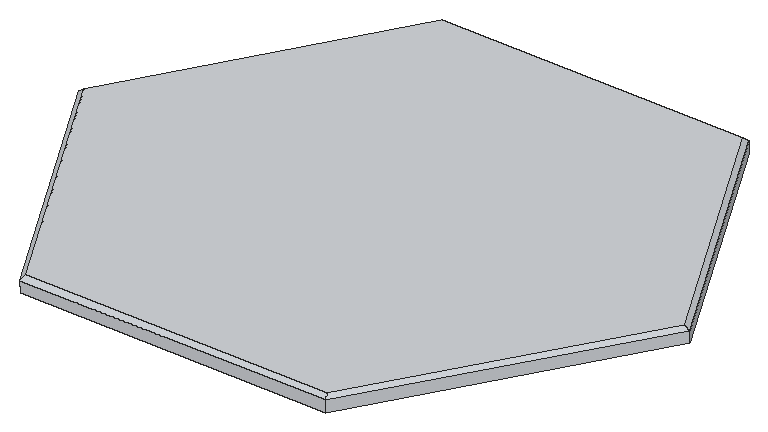
Revit family "J2 PET Felt Hexagon Tile", category Generic Models, host Face, Revit 2022
Family settings
  Host = Face
  Can host rebar = No
  Round Connector Dimension = Use Diameter
  Part Type = Normal
  Cut with Voids When Loaded = No
  Maintain Annotation Orientation = No
  Shared = No
  Room Calculation Point = No
Parameters
  URL = "https://www.j2systems.net/"
  Symbol Name = "FTHX12"  # constant formula
  Style Number = "FTHX12"  # constant formula
  Release Date = "2019"  # constant formula
  Product Line = "Tile"  # constant formula
  Model = "Hexagon"  # constant formula
  Manufacturer = "J2 Systems"  # constant formula
  Felt color = none
  Default Elevation = 4' - 0"
  Beveled edges = yes
Reference planes (in)
  plane 1 "Center (Front/Back)": y = 0
  plane 2: z = 0
  plane 3 "Center (Left/Right)": x = 0
Forms (in)
  Extrusion 1, solid, material <- "Felt color"
    sketch origin (5, 8.66025, 0) x (1, 0, 0) y (0, 1, 0)
      loop
        line (10, 0) -> (5, 8.66025) -> (-5, 8.66025) -> (-10, 0) -> (-5, -8.66025) -> (5, -8.66025) -> (10, 0)
    from 0 to 0.5
  Sweep 2, void
    path origin (5, 8.66025, 0) x (1, 0, 0) y (0, 1, 0)
      loop
        line (5, 8.66025) -> (-5, 8.66025) -> (-10, 0) -> (-5, -8.66025) -> (5, -8.66025) -> (10, 0) -> (5, 8.66025)
    profile origin (5, 17.32051, 0) x (0, -1, 0) y (0, 0, 1)
      loop
        line (0, 0.5) -> (0, 0.375) -> (0.125, 0.5) -> (0, 0.5)
Cuts and joins
  Sweep 2 cuts Extrusion 1
Dimensions and locks (in)
  aligned and locked: plane 2 to host face
  aligned and locked: level to host face
